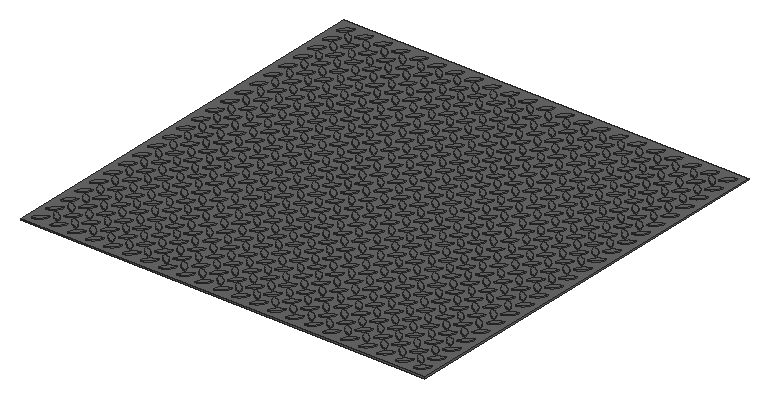
Revit family "141012021113804", category Modelos genéricos, Revit 2018 (continued)
Automatic sketch dimensions
  Blend 515 sketch curve to plane 1 "Center F/B" = 61.721 mm  (x2)
  plane 9 "4" to Blend 515 sketch curve = 109.721 mm  (x2)
  plane 9 "4" to Blend 516 sketch curve = 8.779 mm  (x2)
  Blend 516 sketch curve to plane 1 "Center F/B" = 39.221 mm  (x2)
  Blend 517 sketch curve to plane 1 "Center F/B" = 61.721 mm  (x2)
  plane 9 "4" to Blend 517 sketch curve = 64.721 mm  (x2)
  Blend 518 sketch curve to plane 7 = 44.221 mm  (x2)
  Blend 518 sketch curve to plane 1 "Center F/B" = 84.221 mm  (x2)
  Blend 519 sketch curve to plane 1 "Center F/B" = 84.221 mm  (x2)
  Blend 519 sketch curve to plane 7 = 89.221 mm  (x2)
  Blend 520 sketch curve to plane 7 = 33.279 mm  (x2)
  Blend 520 sketch curve to plane 1 "Center F/B" = 106.721 mm  (x2)
  Blend 521 sketch curve to plane 1 "Center F/B" = 84.221 mm  (x2)
  Blend 521 sketch curve to plane 7 = 134.221 mm  (x2)
  Blend 522 sketch curve to plane 7 = 78.279 mm  (x2)
  Blend 522 sketch curve to plane 1 "Center F/B" = 106.721 mm  (x2)
  Blend 523 sketch curve to plane 1 "Center F/B" = 84.221 mm  (x2)
  Blend 523 sketch curve to plane 7 = 179.221 mm  (x2)
  Blend 524 sketch curve to plane 1 "Center F/B" = 106.721 mm  (x2)
  Blend 524 sketch curve to plane 7 = 123.279 mm  (x2)
  Blend 525 sketch curve to plane 1 "Center F/B" = 84.221 mm  (x2)
  Blend 525 sketch curve to plane 7 = 224.221 mm  (x2)
  Blend 526 sketch curve to plane 1 "Center F/B" = 106.721 mm  (x2)
  Blend 526 sketch curve to plane 7 = 168.279 mm  (x2)
  Blend 527 sketch curve to plane 1 "Center F/B" = 84.221 mm  (x2)
  Blend 527 sketch curve to plane 7 = 269.221 mm  (x2)
  Blend 528 sketch curve to plane 1 "Center F/B" = 106.721 mm  (x2)
  Blend 528 sketch curve to plane 7 = 213.279 mm  (x2)
  Blend 529 sketch curve to plane 1 "Center F/B" = 84.221 mm  (x2)
  Blend 529 sketch curve to plane 7 = 314.221 mm  (x2)
  Blend 530 sketch curve to plane 1 "Center F/B" = 106.721 mm  (x2)
  Blend 530 sketch curve to plane 7 = 258.279 mm  (x2)
  Blend 531 sketch curve to plane 1 "Center F/B" = 84.221 mm  (x2)
  Blend 531 sketch curve to plane 7 = 359.221 mm  (x2)
  Blend 532 sketch curve to plane 1 "Center F/B" = 106.721 mm  (x2)
  Blend 532 sketch curve to plane 7 = 303.279 mm  (x2)
  Blend 533 sketch curve to plane 1 "Center F/B" = 84.221 mm  (x2)
  Blend 533 sketch curve to plane 7 = 404.221 mm  (x2)
  Blend 534 sketch curve to plane 1 "Center F/B" = 106.721 mm  (x2)
  Blend 534 sketch curve to plane 7 = 348.279 mm  (x2)
  Blend 535 sketch curve to plane 1 "Center F/B" = 84.221 mm  (x2)
  Blend 535 sketch curve to plane 7 = 449.221 mm  (x2)
  Blend 536 sketch curve to plane 1 "Center F/B" = 106.721 mm  (x2)
  Blend 536 sketch curve to plane 7 = 393.279 mm  (x2)
  Blend 537 sketch curve to plane 1 "Center F/B" = 84.221 mm  (x2)
  Blend 537 sketch curve to plane 7 = 494.221 mm  (x2)
  Blend 538 sketch curve to plane 1 "Center F/B" = 106.721 mm  (x2)
  Blend 538 sketch curve to plane 7 = 438.279 mm  (x2)
  Blend 539 sketch curve to plane 1 "Center F/B" = 84.221 mm  (x2)
  plane 9 "4" to Blend 539 sketch curve = 458.779 mm  (x2)
  Blend 540 sketch curve to plane 1 "Center F/B" = 106.721 mm  (x2)
  Blend 540 sketch curve to plane 7 = 483.279 mm  (x2)
  Blend 541 sketch curve to plane 1 "Center F/B" = 84.221 mm  (x2)
  plane 9 "4" to Blend 541 sketch curve = 413.779 mm  (x2)
  Blend 542 sketch curve to plane 1 "Center F/B" = 106.721 mm  (x2)
  plane 9 "4" to Blend 542 sketch curve = 469.721 mm  (x2)
  Blend 543 sketch curve to plane 1 "Center F/B" = 84.221 mm  (x2)
  plane 9 "4" to Blend 543 sketch curve = 368.779 mm  (x2)
  Blend 544 sketch curve to plane 1 "Center F/B" = 106.721 mm  (x2)
  plane 9 "4" to Blend 544 sketch curve = 424.721 mm  (x2)
  Blend 545 sketch curve to plane 1 "Center F/B" = 84.221 mm  (x2)
  plane 9 "4" to Blend 545 sketch curve = 323.779 mm  (x2)
  Blend 546 sketch curve to plane 1 "Center F/B" = 106.721 mm  (x2)
  plane 9 "4" to Blend 546 sketch curve = 379.721 mm  (x2)
  Blend 547 sketch curve to plane 1 "Center F/B" = 84.221 mm  (x2)
  plane 9 "4" to Blend 547 sketch curve = 278.779 mm  (x2)
  Blend 548 sketch curve to plane 1 "Center F/B" = 106.721 mm  (x2)
  plane 9 "4" to Blend 548 sketch curve = 334.721 mm  (x2)
  Blend 549 sketch curve to plane 1 "Center F/B" = 84.221 mm  (x2)
  plane 9 "4" to Blend 549 sketch curve = 233.779 mm  (x2)
  Blend 550 sketch curve to plane 1 "Center F/B" = 106.721 mm  (x2)
  plane 9 "4" to Blend 550 sketch curve = 289.721 mm  (x2)
  Blend 551 sketch curve to plane 1 "Center F/B" = 84.221 mm  (x2)
  plane 9 "4" to Blend 551 sketch curve = 188.779 mm  (x2)
  Blend 552 sketch curve to plane 1 "Center F/B" = 106.721 mm  (x2)
  plane 9 "4" to Blend 552 sketch curve = 244.721 mm  (x2)
  Blend 553 sketch curve to plane 1 "Center F/B" = 84.221 mm  (x2)
  plane 9 "4" to Blend 553 sketch curve = 143.779 mm  (x2)
  Blend 554 sketch curve to plane 1 "Center F/B" = 106.721 mm  (x2)
  plane 9 "4" to Blend 554 sketch curve = 199.721 mm  (x2)
  Blend 555 sketch curve to plane 1 "Center F/B" = 84.221 mm  (x2)
  plane 9 "4" to Blend 555 sketch curve = 98.779 mm  (x2)
  Blend 556 sketch curve to plane 1 "Center F/B" = 106.721 mm  (x2)
  plane 9 "4" to Blend 556 sketch curve = 154.721 mm  (x2)
  plane 9 "4" to Blend 557 sketch curve = 53.779 mm  (x2)
  Blend 557 sketch curve to plane 1 "Center F/B" = 84.221 mm  (x2)
  Blend 558 sketch curve to plane 1 "Center F/B" = 106.721 mm  (x2)
  plane 9 "4" to Blend 558 sketch curve = 109.721 mm  (x2)
  plane 9 "4" to Blend 559 sketch curve = 8.779 mm  (x2)
  Blend 559 sketch curve to plane 1 "Center F/B" = 84.221 mm  (x2)
  plane 9 "4" to Blend 560 sketch curve = 64.721 mm  (x2)
  Blend 560 sketch curve to plane 1 "Center F/B" = 106.721 mm  (x2)
  Blend 561 sketch curve to plane 7 = 44.221 mm  (x2)
  Blend 561 sketch curve to plane 1 "Center F/B" = 129.221 mm  (x2)
  Blend 562 sketch curve to plane 7 = 89.221 mm  (x2)
  Blend 562 sketch curve to plane 1 "Center F/B" = 129.221 mm  (x2)
  Blend 563 sketch curve to plane 7 = 33.279 mm  (x2)
  Blend 563 sketch curve to plane 1 "Center F/B" = 151.721 mm  (x2)
  Blend 564 sketch curve to plane 1 "Center F/B" = 129.221 mm  (x2)
  Blend 564 sketch curve to plane 7 = 134.221 mm  (x2)
  Blend 565 sketch curve to plane 7 = 78.279 mm  (x2)
  Blend 565 sketch curve to plane 1 "Center F/B" = 151.721 mm  (x2)
  Blend 566 sketch curve to plane 1 "Center F/B" = 129.221 mm  (x2)
  Blend 566 sketch curve to plane 7 = 179.221 mm  (x2)
  Blend 567 sketch curve to plane 7 = 123.279 mm  (x2)
  Blend 567 sketch curve to plane 1 "Center F/B" = 151.721 mm  (x2)
  Blend 568 sketch curve to plane 1 "Center F/B" = 129.221 mm  (x2)
  Blend 568 sketch curve to plane 7 = 224.221 mm  (x2)
  Blend 569 sketch curve to plane 1 "Center F/B" = 151.721 mm  (x2)
  Blend 569 sketch curve to plane 7 = 168.279 mm  (x2)
  Blend 570 sketch curve to plane 1 "Center F/B" = 129.221 mm  (x2)
  Blend 570 sketch curve to plane 7 = 269.221 mm  (x2)
  Blend 571 sketch curve to plane 1 "Center F/B" = 151.721 mm  (x2)
  Blend 571 sketch curve to plane 7 = 213.279 mm  (x2)
  Blend 572 sketch curve to plane 1 "Center F/B" = 129.221 mm  (x2)
  Blend 572 sketch curve to plane 7 = 314.221 mm  (x2)
  Blend 573 sketch curve to plane 1 "Center F/B" = 151.721 mm  (x2)
  Blend 573 sketch curve to plane 7 = 258.279 mm  (x2)
  Blend 574 sketch curve to plane 1 "Center F/B" = 129.221 mm  (x2)
  Blend 574 sketch curve to plane 7 = 359.221 mm  (x2)
  Blend 575 sketch curve to plane 1 "Center F/B" = 151.721 mm  (x2)
  Blend 575 sketch curve to plane 7 = 303.279 mm  (x2)
  Blend 576 sketch curve to plane 1 "Center F/B" = 129.221 mm  (x2)
  Blend 576 sketch curve to plane 7 = 404.221 mm  (x2)
  Blend 577 sketch curve to plane 1 "Center F/B" = 151.721 mm  (x2)
  Blend 577 sketch curve to plane 7 = 348.279 mm  (x2)
  Blend 578 sketch curve to plane 1 "Center F/B" = 129.221 mm  (x2)
  Blend 578 sketch curve to plane 7 = 449.221 mm  (x2)
  Blend 579 sketch curve to plane 1 "Center F/B" = 151.721 mm  (x2)
  Blend 579 sketch curve to plane 7 = 393.279 mm  (x2)
  Blend 580 sketch curve to plane 1 "Center F/B" = 129.221 mm  (x2)
  Blend 580 sketch curve to plane 7 = 494.221 mm  (x2)
  Blend 581 sketch curve to plane 1 "Center F/B" = 151.721 mm  (x2)
  Blend 581 sketch curve to plane 7 = 438.279 mm  (x2)
  Blend 582 sketch curve to plane 1 "Center F/B" = 129.221 mm  (x2)
  plane 9 "4" to Blend 582 sketch curve = 458.779 mm  (x2)
  Blend 583 sketch curve to plane 1 "Center F/B" = 151.721 mm  (x2)
  Blend 583 sketch curve to plane 7 = 483.279 mm  (x2)
  Blend 584 sketch curve to plane 1 "Center F/B" = 129.221 mm  (x2)
  plane 9 "4" to Blend 584 sketch curve = 413.779 mm  (x2)
  Blend 585 sketch curve to plane 1 "Center F/B" = 151.721 mm  (x2)
  plane 9 "4" to Blend 585 sketch curve = 469.721 mm  (x2)
  Blend 586 sketch curve to plane 1 "Center F/B" = 129.221 mm  (x2)
  plane 9 "4" to Blend 586 sketch curve = 368.779 mm  (x2)
  Blend 587 sketch curve to plane 1 "Center F/B" = 151.721 mm  (x2)
  plane 9 "4" to Blend 587 sketch curve = 424.721 mm  (x2)
  Blend 588 sketch curve to plane 1 "Center F/B" = 129.221 mm  (x2)
  plane 9 "4" to Blend 588 sketch curve = 323.779 mm  (x2)
  Blend 589 sketch curve to plane 1 "Center F/B" = 151.721 mm  (x2)
  plane 9 "4" to Blend 589 sketch curve = 379.721 mm  (x2)
  Blend 590 sketch curve to plane 1 "Center F/B" = 129.221 mm  (x2)
  plane 9 "4" to Blend 590 sketch curve = 278.779 mm  (x2)
  Blend 591 sketch curve to plane 1 "Center F/B" = 151.721 mm  (x2)
  plane 9 "4" to Blend 591 sketch curve = 334.721 mm  (x2)
  Blend 592 sketch curve to plane 1 "Center F/B" = 129.221 mm  (x2)
  plane 9 "4" to Blend 592 sketch curve = 233.779 mm  (x2)
  Blend 593 sketch curve to plane 1 "Center F/B" = 151.721 mm  (x2)
  plane 9 "4" to Blend 593 sketch curve = 289.721 mm  (x2)
  Blend 594 sketch curve to plane 1 "Center F/B" = 129.221 mm  (x2)
  plane 9 "4" to Blend 594 sketch curve = 188.779 mm  (x2)
  Blend 595 sketch curve to plane 1 "Center F/B" = 151.721 mm  (x2)
  plane 9 "4" to Blend 595 sketch curve = 244.721 mm  (x2)
  Blend 596 sketch curve to plane 1 "Center F/B" = 129.221 mm  (x2)
  plane 9 "4" to Blend 596 sketch curve = 143.779 mm  (x2)
  Blend 597 sketch curve to plane 1 "Center F/B" = 151.721 mm  (x2)
  plane 9 "4" to Blend 597 sketch curve = 199.721 mm  (x2)
  plane 9 "4" to Blend 598 sketch curve = 98.779 mm  (x2)
  Blend 598 sketch curve to plane 1 "Center F/B" = 129.221 mm  (x2)
  Blend 599 sketch curve to plane 1 "Center F/B" = 151.721 mm  (x2)
  plane 9 "4" to Blend 599 sketch curve = 154.721 mm  (x2)
  plane 9 "4" to Blend 600 sketch curve = 53.779 mm  (x2)
  Blend 600 sketch curve to plane 1 "Center F/B" = 129.221 mm  (x2)
  plane 9 "4" to Blend 601 sketch curve = 109.721 mm  (x2)
  Blend 601 sketch curve to plane 1 "Center F/B" = 151.721 mm  (x2)
  plane 9 "4" to Blend 602 sketch curve = 8.779 mm  (x2)
  Blend 602 sketch curve to plane 1 "Center F/B" = 129.221 mm  (x2)
  plane 9 "4" to Blend 603 sketch curve = 64.721 mm  (x2)
  Blend 603 sketch curve to plane 1 "Center F/B" = 151.721 mm  (x2)
  Blend 604 sketch curve to plane 7 = 44.221 mm  (x2)
  Blend 604 sketch curve to plane 1 "Center F/B" = 174.221 mm  (x2)
  Blend 605 sketch curve to plane 7 = 89.221 mm  (x2)
  Blend 605 sketch curve to plane 1 "Center F/B" = 174.221 mm  (x2)
  Blend 606 sketch curve to plane 7 = 33.279 mm  (x2)
  Blend 606 sketch curve to plane 1 "Center F/B" = 196.721 mm  (x2)
  Blend 607 sketch curve to plane 7 = 134.221 mm  (x2)
  Blend 607 sketch curve to plane 1 "Center F/B" = 174.221 mm  (x2)
  Blend 608 sketch curve to plane 7 = 78.279 mm  (x2)
  Blend 608 sketch curve to plane 1 "Center F/B" = 196.721 mm  (x2)
  Blend 609 sketch curve to plane 1 "Center F/B" = 174.221 mm  (x2)
  Blend 609 sketch curve to plane 7 = 179.221 mm  (x2)
  Blend 610 sketch curve to plane 7 = 123.279 mm  (x2)
  Blend 610 sketch curve to plane 1 "Center F/B" = 196.721 mm  (x2)
  Blend 611 sketch curve to plane 1 "Center F/B" = 174.221 mm  (x2)
  Blend 611 sketch curve to plane 7 = 224.221 mm  (x2)
  Blend 612 sketch curve to plane 7 = 168.279 mm  (x2)
  Blend 612 sketch curve to plane 1 "Center F/B" = 196.721 mm  (x2)
  Blend 613 sketch curve to plane 1 "Center F/B" = 174.221 mm  (x2)
  Blend 613 sketch curve to plane 7 = 269.221 mm  (x2)
  Blend 614 sketch curve to plane 1 "Center F/B" = 196.721 mm  (x2)
  Blend 614 sketch curve to plane 7 = 213.279 mm  (x2)
  Blend 615 sketch curve to plane 1 "Center F/B" = 174.221 mm  (x2)
  Blend 615 sketch curve to plane 7 = 314.221 mm  (x2)
  Blend 616 sketch curve to plane 1 "Center F/B" = 196.721 mm  (x2)
  Blend 616 sketch curve to plane 7 = 258.279 mm  (x2)
  Blend 617 sketch curve to plane 1 "Center F/B" = 174.221 mm  (x2)
  Blend 617 sketch curve to plane 7 = 359.221 mm  (x2)
  Blend 618 sketch curve to plane 1 "Center F/B" = 196.721 mm  (x2)
  Blend 618 sketch curve to plane 7 = 303.279 mm  (x2)
  Blend 619 sketch curve to plane 1 "Center F/B" = 174.221 mm  (x2)
  Blend 619 sketch curve to plane 7 = 404.221 mm  (x2)
  Blend 620 sketch curve to plane 1 "Center F/B" = 196.721 mm  (x2)
  Blend 620 sketch curve to plane 7 = 348.279 mm  (x2)
  Blend 621 sketch curve to plane 1 "Center F/B" = 174.221 mm  (x2)
  Blend 621 sketch curve to plane 7 = 449.221 mm  (x2)
  Blend 622 sketch curve to plane 1 "Center F/B" = 196.721 mm  (x2)
  Blend 622 sketch curve to plane 7 = 393.279 mm  (x2)
  Blend 623 sketch curve to plane 1 "Center F/B" = 174.221 mm  (x2)
  Blend 623 sketch curve to plane 7 = 494.221 mm  (x2)
  Blend 624 sketch curve to plane 1 "Center F/B" = 196.721 mm  (x2)
  Blend 624 sketch curve to plane 7 = 438.279 mm  (x2)
  Blend 625 sketch curve to plane 1 "Center F/B" = 174.221 mm  (x2)
  plane 9 "4" to Blend 625 sketch curve = 458.779 mm  (x2)
  Blend 626 sketch curve to plane 1 "Center F/B" = 196.721 mm  (x2)
  Blend 626 sketch curve to plane 7 = 483.279 mm  (x2)
  Blend 627 sketch curve to plane 1 "Center F/B" = 174.221 mm  (x2)
  plane 9 "4" to Blend 627 sketch curve = 413.779 mm  (x2)
  Blend 628 sketch curve to plane 1 "Center F/B" = 196.721 mm  (x2)
  plane 9 "4" to Blend 628 sketch curve = 469.721 mm  (x2)
  Blend 629 sketch curve to plane 1 "Center F/B" = 174.221 mm  (x2)
  plane 9 "4" to Blend 629 sketch curve = 368.779 mm  (x2)
  Blend 630 sketch curve to plane 1 "Center F/B" = 196.721 mm  (x2)
  plane 9 "4" to Blend 630 sketch curve = 424.721 mm  (x2)
  Blend 631 sketch curve to plane 1 "Center F/B" = 174.221 mm  (x2)
  plane 9 "4" to Blend 631 sketch curve = 323.779 mm  (x2)
  Blend 632 sketch curve to plane 1 "Center F/B" = 196.721 mm  (x2)
  plane 9 "4" to Blend 632 sketch curve = 379.721 mm  (x2)
  Blend 633 sketch curve to plane 1 "Center F/B" = 174.221 mm  (x2)
  plane 9 "4" to Blend 633 sketch curve = 278.779 mm  (x2)
  Blend 634 sketch curve to plane 1 "Center F/B" = 196.721 mm  (x2)
  plane 9 "4" to Blend 634 sketch curve = 334.721 mm  (x2)
  Blend 635 sketch curve to plane 1 "Center F/B" = 174.221 mm  (x2)
  plane 9 "4" to Blend 635 sketch curve = 233.779 mm  (x2)
  Blend 636 sketch curve to plane 1 "Center F/B" = 196.721 mm  (x2)
  plane 9 "4" to Blend 636 sketch curve = 289.721 mm  (x2)
  Blend 637 sketch curve to plane 1 "Center F/B" = 174.221 mm  (x2)
  plane 9 "4" to Blend 637 sketch curve = 188.779 mm  (x2)
  Blend 638 sketch curve to plane 1 "Center F/B" = 196.721 mm  (x2)
  plane 9 "4" to Blend 638 sketch curve = 244.721 mm  (x2)
  plane 9 "4" to Blend 639 sketch curve = 143.779 mm  (x2)
  Blend 639 sketch curve to plane 1 "Center F/B" = 174.221 mm  (x2)
  Blend 640 sketch curve to plane 1 "Center F/B" = 196.721 mm  (x2)
  plane 9 "4" to Blend 640 sketch curve = 199.721 mm  (x2)
  plane 9 "4" to Blend 641 sketch curve = 98.779 mm  (x2)
  Blend 641 sketch curve to plane 1 "Center F/B" = 174.221 mm  (x2)
  plane 9 "4" to Blend 642 sketch curve = 154.721 mm  (x2)
  Blend 642 sketch curve to plane 1 "Center F/B" = 196.721 mm  (x2)
  plane 9 "4" to Blend 643 sketch curve = 53.779 mm  (x2)
  Blend 643 sketch curve to plane 1 "Center F/B" = 174.221 mm  (x2)
  plane 9 "4" to Blend 644 sketch curve = 109.721 mm  (x2)
  Blend 644 sketch curve to plane 1 "Center F/B" = 196.721 mm  (x2)
  plane 9 "4" to Blend 645 sketch curve = 8.779 mm  (x2)
  Blend 645 sketch curve to plane 1 "Center F/B" = 174.221 mm  (x2)
  plane 9 "4" to Blend 646 sketch curve = 64.721 mm  (x2)
  Blend 646 sketch curve to plane 1 "Center F/B" = 196.721 mm  (x2)
  Blend 647 sketch curve to plane 7 = 44.221 mm  (x2)
  Blend 647 sketch curve to plane 1 "Center F/B" = 219.221 mm  (x2)
  Blend 648 sketch curve to plane 7 = 89.221 mm  (x2)
  Blend 648 sketch curve to plane 1 "Center F/B" = 219.221 mm  (x2)
  Blend 649 sketch curve to plane 7 = 33.279 mm  (x2)
  Blend 649 sketch curve to plane 1 "Center F/B" = 241.721 mm  (x2)
  Blend 650 sketch curve to plane 7 = 134.221 mm  (x2)
  Blend 650 sketch curve to plane 1 "Center F/B" = 219.221 mm  (x2)
  Blend 651 sketch curve to plane 7 = 78.279 mm  (x2)
  Blend 651 sketch curve to plane 1 "Center F/B" = 241.721 mm  (x2)
  Blend 652 sketch curve to plane 7 = 179.221 mm  (x2)
  Blend 652 sketch curve to plane 1 "Center F/B" = 219.221 mm  (x2)
  Blend 653 sketch curve to plane 7 = 123.279 mm  (x2)
  Blend 653 sketch curve to plane 1 "Center F/B" = 241.721 mm  (x2)
  Blend 654 sketch curve to plane 1 "Center F/B" = 219.221 mm  (x2)
  Blend 654 sketch curve to plane 7 = 224.221 mm  (x2)
  Blend 655 sketch curve to plane 7 = 168.279 mm  (x2)
  Blend 655 sketch curve to plane 1 "Center F/B" = 241.721 mm  (x2)
  Blend 656 sketch curve to plane 1 "Center F/B" = 219.221 mm  (x2)
  Blend 656 sketch curve to plane 7 = 269.221 mm  (x2)
  Blend 657 sketch curve to plane 7 = 213.279 mm  (x2)
  Blend 657 sketch curve to plane 1 "Center F/B" = 241.721 mm  (x2)
  Blend 658 sketch curve to plane 1 "Center F/B" = 219.221 mm  (x2)
  Blend 658 sketch curve to plane 7 = 314.221 mm  (x2)
  Blend 659 sketch curve to plane 1 "Center F/B" = 241.721 mm  (x2)
  Blend 659 sketch curve to plane 7 = 258.279 mm  (x2)
  Blend 660 sketch curve to plane 1 "Center F/B" = 219.221 mm  (x2)
  Blend 660 sketch curve to plane 7 = 359.221 mm  (x2)
  Blend 661 sketch curve to plane 1 "Center F/B" = 241.721 mm  (x2)
  Blend 661 sketch curve to plane 7 = 303.279 mm  (x2)
  Blend 662 sketch curve to plane 1 "Center F/B" = 219.221 mm  (x2)
  Blend 662 sketch curve to plane 7 = 404.221 mm  (x2)
  Blend 663 sketch curve to plane 1 "Center F/B" = 241.721 mm  (x2)
  Blend 663 sketch curve to plane 7 = 348.279 mm  (x2)
  Blend 664 sketch curve to plane 1 "Center F/B" = 219.221 mm  (x2)
  Blend 664 sketch curve to plane 7 = 449.221 mm  (x2)
  Blend 665 sketch curve to plane 1 "Center F/B" = 241.721 mm  (x2)
  Blend 665 sketch curve to plane 7 = 393.279 mm  (x2)
  Blend 666 sketch curve to plane 1 "Center F/B" = 219.221 mm  (x2)
  Blend 666 sketch curve to plane 7 = 494.221 mm  (x2)
  Blend 667 sketch curve to plane 1 "Center F/B" = 241.721 mm  (x2)
  Blend 667 sketch curve to plane 7 = 438.279 mm  (x2)
  Blend 668 sketch curve to plane 1 "Center F/B" = 219.221 mm  (x2)
  plane 9 "4" to Blend 668 sketch curve = 458.779 mm  (x2)
  Blend 669 sketch curve to plane 1 "Center F/B" = 241.721 mm  (x2)
  Blend 669 sketch curve to plane 7 = 483.279 mm  (x2)
  Blend 670 sketch curve to plane 1 "Center F/B" = 219.221 mm  (x2)
  plane 9 "4" to Blend 670 sketch curve = 413.779 mm  (x2)
  Blend 671 sketch curve to plane 1 "Center F/B" = 241.721 mm  (x2)
  plane 9 "4" to Blend 671 sketch curve = 469.721 mm  (x2)
  Blend 672 sketch curve to plane 1 "Center F/B" = 219.221 mm  (x2)
  plane 9 "4" to Blend 672 sketch curve = 368.779 mm  (x2)
  Blend 673 sketch curve to plane 1 "Center F/B" = 241.721 mm  (x2)
  plane 9 "4" to Blend 673 sketch curve = 424.721 mm  (x2)
  Blend 674 sketch curve to plane 1 "Center F/B" = 219.221 mm  (x2)
  plane 9 "4" to Blend 674 sketch curve = 323.779 mm  (x2)
  Blend 675 sketch curve to plane 1 "Center F/B" = 241.721 mm  (x2)
  plane 9 "4" to Blend 675 sketch curve = 379.721 mm  (x2)
  Blend 676 sketch curve to plane 1 "Center F/B" = 219.221 mm  (x2)
  plane 9 "4" to Blend 676 sketch curve = 278.779 mm  (x2)
  Blend 677 sketch curve to plane 1 "Center F/B" = 241.721 mm  (x2)
  plane 9 "4" to Blend 677 sketch curve = 334.721 mm  (x2)
  Blend 678 sketch curve to plane 1 "Center F/B" = 219.221 mm  (x2)
  plane 9 "4" to Blend 678 sketch curve = 233.779 mm  (x2)
  Blend 679 sketch curve to plane 1 "Center F/B" = 241.721 mm  (x2)
  plane 9 "4" to Blend 679 sketch curve = 289.721 mm  (x2)
  plane 9 "4" to Blend 680 sketch curve = 188.779 mm  (x2)
  Blend 680 sketch curve to plane 1 "Center F/B" = 219.221 mm  (x2)
  Blend 681 sketch curve to plane 1 "Center F/B" = 241.721 mm  (x2)
  plane 9 "4" to Blend 681 sketch curve = 244.721 mm  (x2)
  plane 9 "4" to Blend 682 sketch curve = 143.779 mm  (x2)
  Blend 682 sketch curve to plane 1 "Center F/B" = 219.221 mm  (x2)
  plane 9 "4" to Blend 683 sketch curve = 199.721 mm  (x2)
  Blend 683 sketch curve to plane 1 "Center F/B" = 241.721 mm  (x2)
  plane 9 "4" to Blend 684 sketch curve = 98.779 mm  (x2)
  Blend 684 sketch curve to plane 1 "Center F/B" = 219.221 mm  (x2)
  plane 9 "4" to Blend 685 sketch curve = 154.721 mm  (x2)
  Blend 685 sketch curve to plane 1 "Center F/B" = 241.721 mm  (x2)
  plane 9 "4" to Blend 686 sketch curve = 53.779 mm  (x2)
  Blend 686 sketch curve to plane 1 "Center F/B" = 219.221 mm  (x2)
  plane 9 "4" to Blend 687 sketch curve = 109.721 mm  (x2)
  Blend 687 sketch curve to plane 1 "Center F/B" = 241.721 mm  (x2)
  plane 9 "4" to Blend 688 sketch curve = 8.779 mm  (x2)
  Blend 688 sketch curve to plane 1 "Center F/B" = 219.221 mm  (x2)
  plane 9 "4" to Blend 689 sketch curve = 64.721 mm  (x2)
  Blend 689 sketch curve to plane 1 "Center F/B" = 241.721 mm  (x2)
  Blend 690 sketch curve to plane 7 = 44.221 mm  (x2)
  plane 5 "2" to Blend 690 sketch curve = 235.779 mm  (x2)
  Blend 691 sketch curve to plane 7 = 89.221 mm  (x2)
  plane 5 "2" to Blend 691 sketch curve = 235.779 mm  (x2)
  Blend 692 sketch curve to plane 7 = 33.279 mm  (x2)
  plane 5 "2" to Blend 692 sketch curve = 213.279 mm  (x2)
  Blend 693 sketch curve to plane 7 = 134.221 mm  (x2)
  plane 5 "2" to Blend 693 sketch curve = 235.779 mm  (x2)
  Blend 694 sketch curve to plane 7 = 78.279 mm  (x2)
  plane 5 "2" to Blend 694 sketch curve = 213.279 mm  (x2)
  Blend 695 sketch curve to plane 7 = 179.221 mm  (x2)
  plane 5 "2" to Blend 695 sketch curve = 235.779 mm  (x2)
  Blend 696 sketch curve to plane 7 = 123.279 mm  (x2)
  plane 5 "2" to Blend 696 sketch curve = 213.279 mm  (x2)
  Blend 697 sketch curve to plane 7 = 224.221 mm  (x2)
  plane 5 "2" to Blend 697 sketch curve = 235.779 mm  (x2)
  Blend 698 sketch curve to plane 7 = 168.279 mm  (x2)
  plane 5 "2" to Blend 698 sketch curve = 213.279 mm  (x2)
  plane 5 "2" to Blend 699 sketch curve = 235.779 mm  (x2)
  Blend 699 sketch curve to plane 7 = 269.221 mm  (x2)
  plane 5 "2" to Blend 700 sketch curve = 213.279 mm  (x2)
  Blend 700 sketch curve to plane 7 = 213.279 mm  (x2)
  plane 5 "2" to Blend 701 sketch curve = 235.779 mm  (x2)
  Blend 701 sketch curve to plane 7 = 314.221 mm  (x2)
  plane 5 "2" to Blend 702 sketch curve = 213.279 mm  (x2)
  Blend 702 sketch curve to plane 7 = 258.279 mm  (x2)
  plane 5 "2" to Blend 703 sketch curve = 235.779 mm  (x2)
  Blend 703 sketch curve to plane 7 = 359.221 mm  (x2)
  plane 5 "2" to Blend 704 sketch curve = 213.279 mm  (x2)
  Blend 704 sketch curve to plane 7 = 303.279 mm  (x2)
  plane 5 "2" to Blend 705 sketch curve = 235.779 mm  (x2)
  Blend 705 sketch curve to plane 7 = 404.221 mm  (x2)
  plane 5 "2" to Blend 706 sketch curve = 213.279 mm  (x2)
  Blend 706 sketch curve to plane 7 = 348.279 mm  (x2)
  plane 5 "2" to Blend 707 sketch curve = 235.779 mm  (x2)
  Blend 707 sketch curve to plane 7 = 449.221 mm  (x2)
  plane 5 "2" to Blend 708 sketch curve = 213.279 mm  (x2)
  Blend 708 sketch curve to plane 7 = 393.279 mm  (x2)
  plane 5 "2" to Blend 709 sketch curve = 235.779 mm  (x2)
  Blend 709 sketch curve to plane 7 = 494.221 mm  (x2)
  plane 5 "2" to Blend 710 sketch curve = 213.279 mm  (x2)
  Blend 710 sketch curve to plane 7 = 438.279 mm  (x2)
  plane 5 "2" to Blend 711 sketch curve = 235.779 mm  (x2)
  plane 9 "4" to Blend 711 sketch curve = 458.779 mm  (x2)
  plane 5 "2" to Blend 712 sketch curve = 213.279 mm  (x2)
  Blend 712 sketch curve to plane 7 = 483.279 mm  (x2)
  plane 5 "2" to Blend 713 sketch curve = 235.779 mm  (x2)
  plane 9 "4" to Blend 713 sketch curve = 413.779 mm  (x2)
  plane 5 "2" to Blend 714 sketch curve = 213.279 mm  (x2)
  plane 9 "4" to Blend 714 sketch curve = 469.721 mm  (x2)
  plane 5 "2" to Blend 715 sketch curve = 235.779 mm  (x2)
  plane 9 "4" to Blend 715 sketch curve = 368.779 mm  (x2)
  plane 5 "2" to Blend 716 sketch curve = 213.279 mm  (x2)
  plane 9 "4" to Blend 716 sketch curve = 424.721 mm  (x2)
  plane 5 "2" to Blend 717 sketch curve = 235.779 mm  (x2)
  plane 9 "4" to Blend 717 sketch curve = 323.779 mm  (x2)
  plane 5 "2" to Blend 718 sketch curve = 213.279 mm  (x2)
  plane 9 "4" to Blend 718 sketch curve = 379.721 mm  (x2)
  plane 5 "2" to Blend 719 sketch curve = 235.779 mm  (x2)
  plane 9 "4" to Blend 719 sketch curve = 278.779 mm  (x2)
  plane 5 "2" to Blend 720 sketch curve = 213.279 mm  (x2)
  plane 9 "4" to Blend 720 sketch curve = 334.721 mm  (x2)
  plane 9 "4" to Blend 721 sketch curve = 233.779 mm  (x2)
  plane 5 "2" to Blend 721 sketch curve = 235.779 mm  (x2)
  plane 5 "2" to Blend 722 sketch curve = 213.279 mm  (x2)
  plane 9 "4" to Blend 722 sketch curve = 289.721 mm  (x2)
  plane 9 "4" to Blend 723 sketch curve = 188.779 mm  (x2)
  plane 5 "2" to Blend 723 sketch curve = 235.779 mm  (x2)
  plane 5 "2" to Blend 724 sketch curve = 213.279 mm  (x2)
  plane 9 "4" to Blend 724 sketch curve = 244.721 mm  (x2)
  plane 9 "4" to Blend 725 sketch curve = 143.779 mm  (x2)
  plane 5 "2" to Blend 725 sketch curve = 235.779 mm  (x2)
  plane 9 "4" to Blend 726 sketch curve = 199.721 mm  (x2)
  plane 5 "2" to Blend 726 sketch curve = 213.279 mm  (x2)
  plane 9 "4" to Blend 727 sketch curve = 98.779 mm  (x2)
  plane 5 "2" to Blend 727 sketch curve = 235.779 mm  (x2)
  plane 9 "4" to Blend 728 sketch curve = 154.721 mm  (x2)
  plane 5 "2" to Blend 728 sketch curve = 213.279 mm  (x2)
  plane 9 "4" to Blend 729 sketch curve = 53.779 mm  (x2)
  plane 5 "2" to Blend 729 sketch curve = 235.779 mm  (x2)
  plane 9 "4" to Blend 730 sketch curve = 109.721 mm  (x2)
  plane 5 "2" to Blend 730 sketch curve = 213.279 mm  (x2)
  plane 9 "4" to Blend 731 sketch curve = 8.779 mm  (x2)
  plane 5 "2" to Blend 731 sketch curve = 235.779 mm  (x2)
  plane 9 "4" to Blend 732 sketch curve = 64.721 mm  (x2)
  plane 5 "2" to Blend 732 sketch curve = 213.279 mm  (x2)
  Blend 733 sketch curve to plane 7 = 44.221 mm  (x2)
  plane 5 "2" to Blend 733 sketch curve = 190.779 mm  (x2)
  Blend 734 sketch curve to plane 7 = 89.221 mm  (x2)
  plane 5 "2" to Blend 734 sketch curve = 190.779 mm  (x2)
  Blend 735 sketch curve to plane 7 = 33.279 mm  (x2)
  plane 5 "2" to Blend 735 sketch curve = 168.279 mm  (x2)
  Blend 736 sketch curve to plane 7 = 134.221 mm  (x2)
  plane 5 "2" to Blend 736 sketch curve = 190.779 mm  (x2)
  Blend 737 sketch curve to plane 7 = 78.279 mm  (x2)
  plane 5 "2" to Blend 737 sketch curve = 168.279 mm  (x2)
  Blend 738 sketch curve to plane 7 = 179.221 mm  (x2)
  plane 5 "2" to Blend 738 sketch curve = 190.779 mm  (x2)
  Blend 739 sketch curve to plane 7 = 123.279 mm  (x2)
  plane 5 "2" to Blend 739 sketch curve = 168.279 mm  (x2)
  plane 5 "2" to Blend 740 sketch curve = 190.779 mm  (x2)
  Blend 740 sketch curve to plane 7 = 224.221 mm  (x2)
  plane 5 "2" to Blend 741 sketch curve = 168.279 mm  (x2)
  Blend 741 sketch curve to plane 7 = 168.279 mm  (x2)
  plane 5 "2" to Blend 742 sketch curve = 190.779 mm  (x2)
  Blend 742 sketch curve to plane 7 = 269.221 mm  (x2)
  plane 5 "2" to Blend 743 sketch curve = 168.279 mm  (x2)
  Blend 743 sketch curve to plane 7 = 213.279 mm  (x2)
  plane 5 "2" to Blend 744 sketch curve = 190.779 mm  (x2)
  Blend 744 sketch curve to plane 7 = 314.221 mm  (x2)
  plane 5 "2" to Blend 745 sketch curve = 168.279 mm  (x2)
  Blend 745 sketch curve to plane 7 = 258.279 mm  (x2)
  plane 5 "2" to Blend 746 sketch curve = 190.779 mm  (x2)
  Blend 746 sketch curve to plane 7 = 359.221 mm  (x2)
  plane 5 "2" to Blend 747 sketch curve = 168.279 mm  (x2)
  Blend 747 sketch curve to plane 7 = 303.279 mm  (x2)
  plane 5 "2" to Blend 748 sketch curve = 190.779 mm  (x2)
  Blend 748 sketch curve to plane 7 = 404.221 mm  (x2)
  plane 5 "2" to Blend 749 sketch curve = 168.279 mm  (x2)
  Blend 749 sketch curve to plane 7 = 348.279 mm  (x2)
  plane 5 "2" to Blend 750 sketch curve = 190.779 mm  (x2)
  Blend 750 sketch curve to plane 7 = 449.221 mm  (x2)
  plane 5 "2" to Blend 751 sketch curve = 168.279 mm  (x2)
  Blend 751 sketch curve to plane 7 = 393.279 mm  (x2)
  plane 5 "2" to Blend 752 sketch curve = 190.779 mm  (x2)
  Blend 752 sketch curve to plane 7 = 494.221 mm  (x2)
  plane 5 "2" to Blend 753 sketch curve = 168.279 mm  (x2)
  Blend 753 sketch curve to plane 7 = 438.279 mm  (x2)
  plane 5 "2" to Blend 754 sketch curve = 190.779 mm  (x2)
  plane 9 "4" to Blend 754 sketch curve = 458.779 mm  (x2)
  plane 5 "2" to Blend 755 sketch curve = 168.279 mm  (x2)
  Blend 755 sketch curve to plane 7 = 483.279 mm  (x2)
  plane 5 "2" to Blend 756 sketch curve = 190.779 mm  (x2)
  plane 9 "4" to Blend 756 sketch curve = 413.779 mm  (x2)
  plane 5 "2" to Blend 757 sketch curve = 168.279 mm  (x2)
  plane 9 "4" to Blend 757 sketch curve = 469.721 mm  (x2)
  plane 5 "2" to Blend 758 sketch curve = 190.779 mm  (x2)
  plane 9 "4" to Blend 758 sketch curve = 368.779 mm  (x2)
  plane 5 "2" to Blend 759 sketch curve = 168.279 mm  (x2)
  plane 9 "4" to Blend 759 sketch curve = 424.721 mm  (x2)
  plane 5 "2" to Blend 760 sketch curve = 190.779 mm  (x2)
  plane 9 "4" to Blend 760 sketch curve = 323.779 mm  (x2)
  plane 5 "2" to Blend 761 sketch curve = 168.279 mm  (x2)
  plane 9 "4" to Blend 761 sketch curve = 379.721 mm  (x2)
  plane 5 "2" to Blend 762 sketch curve = 190.779 mm  (x2)
  plane 9 "4" to Blend 762 sketch curve = 278.779 mm  (x2)
  plane 5 "2" to Blend 763 sketch curve = 168.279 mm  (x2)
  plane 9 "4" to Blend 763 sketch curve = 334.721 mm  (x2)
  plane 5 "2" to Blend 764 sketch curve = 190.779 mm  (x2)
  plane 9 "4" to Blend 764 sketch curve = 233.779 mm  (x2)
  plane 5 "2" to Blend 765 sketch curve = 168.279 mm  (x2)
  plane 9 "4" to Blend 765 sketch curve = 289.721 mm  (x2)
  plane 9 "4" to Blend 766 sketch curve = 188.779 mm  (x2)
  plane 5 "2" to Blend 766 sketch curve = 190.779 mm  (x2)
  plane 5 "2" to Blend 767 sketch curve = 168.279 mm  (x2)
  plane 9 "4" to Blend 767 sketch curve = 244.721 mm  (x2)
  plane 9 "4" to Blend 768 sketch curve = 143.779 mm  (x2)
  plane 5 "2" to Blend 768 sketch curve = 190.779 mm  (x2)
  plane 5 "2" to Blend 769 sketch curve = 168.279 mm  (x2)
  plane 9 "4" to Blend 769 sketch curve = 199.721 mm  (x2)
  plane 9 "4" to Blend 770 sketch curve = 98.779 mm  (x2)
  plane 5 "2" to Blend 770 sketch curve = 190.779 mm  (x2)
  plane 9 "4" to Blend 771 sketch curve = 154.721 mm  (x2)
  plane 5 "2" to Blend 771 sketch curve = 168.279 mm  (x2)
  plane 9 "4" to Blend 772 sketch curve = 53.779 mm  (x2)
  plane 5 "2" to Blend 772 sketch curve = 190.779 mm  (x2)
  plane 9 "4" to Blend 773 sketch curve = 109.721 mm  (x2)
  plane 5 "2" to Blend 773 sketch curve = 168.279 mm  (x2)
  plane 9 "4" to Blend 774 sketch curve = 8.779 mm  (x2)
  plane 5 "2" to Blend 774 sketch curve = 190.779 mm  (x2)
  plane 9 "4" to Blend 775 sketch curve = 64.721 mm  (x2)
  plane 5 "2" to Blend 775 sketch curve = 168.279 mm  (x2)
  Blend 776 sketch curve to plane 7 = 44.221 mm  (x2)
  plane 5 "2" to Blend 776 sketch curve = 145.779 mm  (x2)
  Blend 777 sketch curve to plane 7 = 89.221 mm  (x2)
  plane 5 "2" to Blend 777 sketch curve = 145.779 mm  (x2)
  Blend 778 sketch curve to plane 7 = 33.279 mm  (x2)
  plane 5 "2" to Blend 778 sketch curve = 123.279 mm  (x2)
  Blend 779 sketch curve to plane 7 = 134.221 mm  (x2)
  plane 5 "2" to Blend 779 sketch curve = 145.779 mm  (x2)
  Blend 780 sketch curve to plane 7 = 78.279 mm  (x2)
  plane 5 "2" to Blend 780 sketch curve = 123.279 mm  (x2)
  plane 5 "2" to Blend 781 sketch curve = 145.779 mm  (x2)
  Blend 781 sketch curve to plane 7 = 179.221 mm  (x2)
  plane 5 "2" to Blend 782 sketch curve = 123.279 mm  (x2)
  Blend 782 sketch curve to plane 7 = 123.279 mm  (x2)
  plane 5 "2" to Blend 783 sketch curve = 145.779 mm  (x2)
  Blend 783 sketch curve to plane 7 = 224.221 mm  (x2)
  plane 5 "2" to Blend 784 sketch curve = 123.279 mm  (x2)
  Blend 784 sketch curve to plane 7 = 168.279 mm  (x2)
  plane 5 "2" to Blend 785 sketch curve = 145.779 mm  (x2)
  Blend 785 sketch curve to plane 7 = 269.221 mm  (x2)
  plane 5 "2" to Blend 786 sketch curve = 123.279 mm  (x2)
  Blend 786 sketch curve to plane 7 = 213.279 mm  (x2)
  plane 5 "2" to Blend 787 sketch curve = 145.779 mm  (x2)
  Blend 787 sketch curve to plane 7 = 314.221 mm  (x2)
  plane 5 "2" to Blend 788 sketch curve = 123.279 mm  (x2)
  Blend 788 sketch curve to plane 7 = 258.279 mm  (x2)
  plane 5 "2" to Blend 789 sketch curve = 145.779 mm  (x2)
  Blend 789 sketch curve to plane 7 = 359.221 mm  (x2)
  plane 5 "2" to Blend 790 sketch curve = 123.279 mm  (x2)
  Blend 790 sketch curve to plane 7 = 303.279 mm  (x2)
  plane 5 "2" to Blend 791 sketch curve = 145.779 mm  (x2)
  Blend 791 sketch curve to plane 7 = 404.221 mm  (x2)
  plane 5 "2" to Blend 792 sketch curve = 123.279 mm  (x2)
  Blend 792 sketch curve to plane 7 = 348.279 mm  (x2)
  plane 5 "2" to Blend 793 sketch curve = 145.779 mm  (x2)
  Blend 793 sketch curve to plane 7 = 449.221 mm  (x2)
  plane 5 "2" to Blend 794 sketch curve = 123.279 mm  (x2)
  Blend 794 sketch curve to plane 7 = 393.279 mm  (x2)
  plane 5 "2" to Blend 795 sketch curve = 145.779 mm  (x2)
  Blend 795 sketch curve to plane 7 = 494.221 mm  (x2)
  plane 5 "2" to Blend 796 sketch curve = 123.279 mm  (x2)
  Blend 796 sketch curve to plane 7 = 438.279 mm  (x2)
  plane 5 "2" to Blend 797 sketch curve = 145.779 mm  (x2)
  plane 9 "4" to Blend 797 sketch curve = 458.779 mm  (x2)
  plane 5 "2" to Blend 798 sketch curve = 123.279 mm  (x2)
  Blend 798 sketch curve to plane 7 = 483.279 mm  (x2)
  plane 5 "2" to Blend 799 sketch curve = 145.779 mm  (x2)
  plane 9 "4" to Blend 799 sketch curve = 413.779 mm  (x2)
  plane 5 "2" to Blend 800 sketch curve = 123.279 mm  (x2)
  plane 9 "4" to Blend 800 sketch curve = 469.721 mm  (x2)
  plane 5 "2" to Blend 801 sketch curve = 145.779 mm  (x2)
  plane 9 "4" to Blend 801 sketch curve = 368.779 mm  (x2)
  plane 5 "2" to Blend 802 sketch curve = 123.279 mm  (x2)
  plane 9 "4" to Blend 802 sketch curve = 424.721 mm  (x2)
  plane 5 "2" to Blend 803 sketch curve = 145.779 mm  (x2)
  plane 9 "4" to Blend 803 sketch curve = 323.779 mm  (x2)
  plane 5 "2" to Blend 804 sketch curve = 123.279 mm  (x2)
  plane 9 "4" to Blend 804 sketch curve = 379.721 mm  (x2)
  plane 5 "2" to Blend 805 sketch curve = 145.779 mm  (x2)
  plane 9 "4" to Blend 805 sketch curve = 278.779 mm  (x2)
  plane 5 "2" to Blend 806 sketch curve = 123.279 mm  (x2)
  plane 9 "4" to Blend 806 sketch curve = 334.721 mm  (x2)
  plane 5 "2" to Blend 807 sketch curve = 145.779 mm  (x2)
  plane 9 "4" to Blend 807 sketch curve = 233.779 mm  (x2)
  plane 5 "2" to Blend 808 sketch curve = 123.279 mm  (x2)
  plane 9 "4" to Blend 808 sketch curve = 289.721 mm  (x2)
  plane 5 "2" to Blend 809 sketch curve = 145.779 mm  (x2)
  plane 9 "4" to Blend 809 sketch curve = 188.779 mm  (x2)
  plane 5 "2" to Blend 810 sketch curve = 123.279 mm  (x2)
  plane 9 "4" to Blend 810 sketch curve = 244.721 mm  (x2)
  plane 9 "4" to Blend 811 sketch curve = 143.779 mm  (x2)
  plane 5 "2" to Blend 811 sketch curve = 145.779 mm  (x2)
  plane 5 "2" to Blend 812 sketch curve = 123.279 mm  (x2)
  plane 9 "4" to Blend 812 sketch curve = 199.721 mm  (x2)
  plane 9 "4" to Blend 813 sketch curve = 98.779 mm  (x2)
  plane 5 "2" to Blend 813 sketch curve = 145.779 mm  (x2)
  plane 5 "2" to Blend 814 sketch curve = 123.279 mm  (x2)
  plane 9 "4" to Blend 814 sketch curve = 154.721 mm  (x2)
  plane 9 "4" to Blend 815 sketch curve = 53.779 mm  (x2)
  plane 5 "2" to Blend 815 sketch curve = 145.779 mm  (x2)
  plane 9 "4" to Blend 816 sketch curve = 109.721 mm  (x2)
  plane 5 "2" to Blend 816 sketch curve = 123.279 mm  (x2)
  plane 9 "4" to Blend 817 sketch curve = 8.779 mm  (x2)
  plane 5 "2" to Blend 817 sketch curve = 145.779 mm  (x2)
  plane 9 "4" to Blend 818 sketch curve = 64.721 mm  (x2)
  plane 5 "2" to Blend 818 sketch curve = 123.279 mm  (x2)
  Blend 819 sketch curve to plane 7 = 44.221 mm  (x2)
  plane 5 "2" to Blend 819 sketch curve = 100.779 mm  (x2)
  Blend 820 sketch curve to plane 7 = 89.221 mm  (x2)
  plane 5 "2" to Blend 820 sketch curve = 100.779 mm  (x2)
  Blend 821 sketch curve to plane 7 = 33.279 mm  (x2)
  plane 5 "2" to Blend 821 sketch curve = 78.279 mm  (x2)
  plane 5 "2" to Blend 822 sketch curve = 100.779 mm  (x2)
  Blend 822 sketch curve to plane 7 = 134.221 mm  (x2)
  plane 5 "2" to Blend 823 sketch curve = 78.279 mm  (x2)
  Blend 823 sketch curve to plane 7 = 78.279 mm  (x2)
  plane 5 "2" to Blend 824 sketch curve = 100.779 mm  (x2)
  Blend 824 sketch curve to plane 7 = 179.221 mm  (x2)
  plane 5 "2" to Blend 825 sketch curve = 78.279 mm  (x2)
  Blend 825 sketch curve to plane 7 = 123.279 mm  (x2)
  plane 5 "2" to Blend 826 sketch curve = 100.779 mm  (x2)
  Blend 826 sketch curve to plane 7 = 224.221 mm  (x2)
  plane 5 "2" to Blend 827 sketch curve = 78.279 mm  (x2)
  Blend 827 sketch curve to plane 7 = 168.279 mm  (x2)
  plane 5 "2" to Blend 828 sketch curve = 100.779 mm  (x2)
  Blend 828 sketch curve to plane 7 = 269.221 mm  (x2)
  plane 5 "2" to Blend 829 sketch curve = 78.279 mm  (x2)
  Blend 829 sketch curve to plane 7 = 213.279 mm  (x2)
  plane 5 "2" to Blend 830 sketch curve = 100.779 mm  (x2)
  Blend 830 sketch curve to plane 7 = 314.221 mm  (x2)
  plane 5 "2" to Blend 831 sketch curve = 78.279 mm  (x2)
  Blend 831 sketch curve to plane 7 = 258.279 mm  (x2)
  plane 5 "2" to Blend 832 sketch curve = 100.779 mm  (x2)
  Blend 832 sketch curve to plane 7 = 359.221 mm  (x2)
  plane 5 "2" to Blend 833 sketch curve = 78.279 mm  (x2)
  Blend 833 sketch curve to plane 7 = 303.279 mm  (x2)
  plane 5 "2" to Blend 834 sketch curve = 100.779 mm  (x2)
  Blend 834 sketch curve to plane 7 = 404.221 mm  (x2)
  plane 5 "2" to Blend 835 sketch curve = 78.279 mm  (x2)
  Blend 835 sketch curve to plane 7 = 348.279 mm  (x2)
  plane 5 "2" to Blend 836 sketch curve = 100.779 mm  (x2)
  Blend 836 sketch curve to plane 7 = 449.221 mm  (x2)
  plane 5 "2" to Blend 837 sketch curve = 78.279 mm  (x2)
  Blend 837 sketch curve to plane 7 = 393.279 mm  (x2)
  plane 5 "2" to Blend 838 sketch curve = 100.779 mm  (x2)
  Blend 838 sketch curve to plane 7 = 494.221 mm  (x2)
  plane 5 "2" to Blend 839 sketch curve = 78.279 mm  (x2)
  Blend 839 sketch curve to plane 7 = 438.279 mm  (x2)
  plane 5 "2" to Blend 840 sketch curve = 100.779 mm  (x2)
  plane 9 "4" to Blend 840 sketch curve = 458.779 mm  (x2)
  plane 5 "2" to Blend 841 sketch curve = 78.279 mm  (x2)
  Blend 841 sketch curve to plane 7 = 483.279 mm  (x2)
  plane 5 "2" to Blend 842 sketch curve = 100.779 mm  (x2)
  plane 9 "4" to Blend 842 sketch curve = 413.779 mm  (x2)
  plane 5 "2" to Blend 843 sketch curve = 78.279 mm  (x2)
  plane 9 "4" to Blend 843 sketch curve = 469.721 mm  (x2)
  plane 5 "2" to Blend 844 sketch curve = 100.779 mm  (x2)
  plane 9 "4" to Blend 844 sketch curve = 368.779 mm  (x2)
  plane 5 "2" to Blend 845 sketch curve = 78.279 mm  (x2)
  plane 9 "4" to Blend 845 sketch curve = 424.721 mm  (x2)
  plane 5 "2" to Blend 846 sketch curve = 100.779 mm  (x2)
  plane 9 "4" to Blend 846 sketch curve = 323.779 mm  (x2)
  plane 5 "2" to Blend 847 sketch curve = 78.279 mm  (x2)
  plane 9 "4" to Blend 847 sketch curve = 379.721 mm  (x2)
  plane 5 "2" to Blend 848 sketch curve = 100.779 mm  (x2)
  plane 9 "4" to Blend 848 sketch curve = 278.779 mm  (x2)
  plane 5 "2" to Blend 849 sketch curve = 78.279 mm  (x2)
  plane 9 "4" to Blend 849 sketch curve = 334.721 mm  (x2)
  plane 5 "2" to Blend 850 sketch curve = 100.779 mm  (x2)
  plane 9 "4" to Blend 850 sketch curve = 233.779 mm  (x2)
  plane 5 "2" to Blend 851 sketch curve = 78.279 mm  (x2)
  plane 9 "4" to Blend 851 sketch curve = 289.721 mm  (x2)
  plane 5 "2" to Blend 852 sketch curve = 100.779 mm  (x2)
  plane 9 "4" to Blend 852 sketch curve = 188.779 mm  (x2)
  plane 5 "2" to Blend 853 sketch curve = 78.279 mm  (x2)
  plane 9 "4" to Blend 853 sketch curve = 244.721 mm  (x2)
  plane 5 "2" to Blend 854 sketch curve = 100.779 mm  (x2)
  plane 9 "4" to Blend 854 sketch curve = 143.779 mm  (x2)
  plane 5 "2" to Blend 855 sketch curve = 78.279 mm  (x2)
  plane 9 "4" to Blend 855 sketch curve = 199.721 mm  (x2)
  plane 9 "4" to Blend 856 sketch curve = 98.779 mm  (x2)
  plane 5 "2" to Blend 856 sketch curve = 100.779 mm  (x2)
  plane 5 "2" to Blend 857 sketch curve = 78.279 mm  (x2)
  plane 9 "4" to Blend 857 sketch curve = 154.721 mm  (x2)
  plane 9 "4" to Blend 858 sketch curve = 53.779 mm  (x2)
  plane 5 "2" to Blend 858 sketch curve = 100.779 mm  (x2)
  plane 5 "2" to Blend 859 sketch curve = 78.279 mm  (x2)
  plane 9 "4" to Blend 859 sketch curve = 109.721 mm  (x2)
  plane 9 "4" to Blend 860 sketch curve = 8.779 mm  (x2)
  plane 5 "2" to Blend 860 sketch curve = 100.779 mm  (x2)
  plane 9 "4" to Blend 861 sketch curve = 64.721 mm  (x2)
  plane 5 "2" to Blend 861 sketch curve = 78.279 mm  (x2)
  Blend 862 sketch curve to plane 7 = 44.221 mm  (x2)
  plane 5 "2" to Blend 862 sketch curve = 55.779 mm  (x2)
  plane 5 "2" to Blend 863 sketch curve = 55.779 mm  (x2)
  Blend 863 sketch curve to plane 7 = 89.221 mm  (x2)
  plane 5 "2" to Blend 864 sketch curve = 33.279 mm  (x2)
  Blend 864 sketch curve to plane 7 = 33.279 mm  (x2)
  plane 5 "2" to Blend 865 sketch curve = 55.779 mm  (x2)
  Blend 865 sketch curve to plane 7 = 134.221 mm  (x2)
  plane 5 "2" to Blend 866 sketch curve = 33.279 mm  (x2)
  Blend 866 sketch curve to plane 7 = 78.279 mm  (x2)
  plane 5 "2" to Blend 867 sketch curve = 55.779 mm  (x2)
  Blend 867 sketch curve to plane 7 = 179.221 mm  (x2)
  plane 5 "2" to Blend 868 sketch curve = 33.279 mm  (x2)
  Blend 868 sketch curve to plane 7 = 123.279 mm  (x2)
  plane 5 "2" to Blend 869 sketch curve = 55.779 mm  (x2)
  Blend 869 sketch curve to plane 7 = 224.221 mm  (x2)
  plane 5 "2" to Blend 870 sketch curve = 33.279 mm  (x2)
  Blend 870 sketch curve to plane 7 = 168.279 mm  (x2)
  plane 5 "2" to Blend 871 sketch curve = 55.779 mm  (x2)
  Blend 871 sketch curve to plane 7 = 269.221 mm  (x2)
  plane 5 "2" to Blend 872 sketch curve = 33.279 mm  (x2)
  Blend 872 sketch curve to plane 7 = 213.279 mm  (x2)
  plane 5 "2" to Blend 873 sketch curve = 55.779 mm  (x2)
  Blend 873 sketch curve to plane 7 = 314.221 mm  (x2)
  plane 5 "2" to Blend 874 sketch curve = 33.279 mm  (x2)
  Blend 874 sketch curve to plane 7 = 258.279 mm  (x2)
  plane 5 "2" to Blend 875 sketch curve = 55.779 mm  (x2)
  Blend 875 sketch curve to plane 7 = 359.221 mm  (x2)
  plane 5 "2" to Blend 876 sketch curve = 33.279 mm  (x2)
  Blend 876 sketch curve to plane 7 = 303.279 mm  (x2)
  plane 5 "2" to Blend 877 sketch curve = 55.779 mm  (x2)
  Blend 877 sketch curve to plane 7 = 404.221 mm  (x2)
  plane 5 "2" to Blend 878 sketch curve = 33.279 mm  (x2)
  Blend 878 sketch curve to plane 7 = 348.279 mm  (x2)
  plane 5 "2" to Blend 879 sketch curve = 55.779 mm  (x2)
  Blend 879 sketch curve to plane 7 = 449.221 mm  (x2)
  plane 5 "2" to Blend 880 sketch curve = 33.279 mm  (x2)
  Blend 880 sketch curve to plane 7 = 393.279 mm  (x2)
  plane 5 "2" to Blend 881 sketch curve = 55.779 mm  (x2)
  Blend 881 sketch curve to plane 7 = 494.221 mm  (x2)
  plane 5 "2" to Blend 882 sketch curve = 33.279 mm  (x2)
  Blend 882 sketch curve to plane 7 = 438.279 mm  (x2)
  plane 5 "2" to Blend 883 sketch curve = 55.779 mm  (x2)
  plane 9 "4" to Blend 883 sketch curve = 458.779 mm  (x2)
  plane 5 "2" to Blend 884 sketch curve = 33.279 mm  (x2)
  Blend 884 sketch curve to plane 7 = 483.279 mm  (x2)
  plane 5 "2" to Blend 885 sketch curve = 55.779 mm  (x2)
  plane 9 "4" to Blend 885 sketch curve = 413.779 mm  (x2)
  plane 5 "2" to Blend 886 sketch curve = 33.279 mm  (x2)
  plane 9 "4" to Blend 886 sketch curve = 469.721 mm  (x2)
  plane 5 "2" to Blend 887 sketch curve = 55.779 mm  (x2)
  plane 9 "4" to Blend 887 sketch curve = 368.779 mm  (x2)
  plane 5 "2" to Blend 888 sketch curve = 33.279 mm  (x2)
  plane 9 "4" to Blend 888 sketch curve = 424.721 mm  (x2)
  plane 5 "2" to Blend 889 sketch curve = 55.779 mm  (x2)
  plane 9 "4" to Blend 889 sketch curve = 323.779 mm  (x2)
  plane 5 "2" to Blend 890 sketch curve = 33.279 mm  (x2)
  plane 9 "4" to Blend 890 sketch curve = 379.721 mm  (x2)
  plane 5 "2" to Blend 891 sketch curve = 55.779 mm  (x2)
  plane 9 "4" to Blend 891 sketch curve = 278.779 mm  (x2)
  plane 5 "2" to Blend 892 sketch curve = 33.279 mm  (x2)
  plane 9 "4" to Blend 892 sketch curve = 334.721 mm  (x2)
  plane 5 "2" to Blend 893 sketch curve = 55.779 mm  (x2)
  plane 9 "4" to Blend 893 sketch curve = 233.779 mm  (x2)
  plane 5 "2" to Blend 894 sketch curve = 33.279 mm  (x2)
  plane 9 "4" to Blend 894 sketch curve = 289.721 mm  (x2)
  plane 5 "2" to Blend 895 sketch curve = 55.779 mm  (x2)
  plane 9 "4" to Blend 895 sketch curve = 188.779 mm  (x2)
  plane 5 "2" to Blend 896 sketch curve = 33.279 mm  (x2)
  plane 9 "4" to Blend 896 sketch curve = 244.721 mm  (x2)
  plane 5 "2" to Blend 897 sketch curve = 55.779 mm  (x2)
  plane 9 "4" to Blend 897 sketch curve = 143.779 mm  (x2)
  plane 5 "2" to Blend 898 sketch curve = 33.279 mm  (x2)
  plane 9 "4" to Blend 898 sketch curve = 199.721 mm  (x2)
  plane 5 "2" to Blend 899 sketch curve = 55.779 mm  (x2)
  plane 9 "4" to Blend 899 sketch curve = 98.779 mm  (x2)
  plane 5 "2" to Blend 900 sketch curve = 33.279 mm  (x2)
  plane 9 "4" to Blend 900 sketch curve = 154.721 mm  (x2)
  plane 9 "4" to Blend 901 sketch curve = 53.779 mm  (x2)
  plane 5 "2" to Blend 901 sketch curve = 55.779 mm  (x2)
  plane 5 "2" to Blend 902 sketch curve = 33.279 mm  (x2)
  plane 9 "4" to Blend 902 sketch curve = 109.721 mm  (x2)
  plane 9 "4" to Blend 903 sketch curve = 8.779 mm  (x2)
  plane 5 "2" to Blend 903 sketch curve = 55.779 mm  (x2)
  plane 5 "2" to Blend 904 sketch curve = 33.279 mm  (x2)
  plane 9 "4" to Blend 904 sketch curve = 64.721 mm  (x2)
  Extrusion 1 sketch curve to level = 0.00 mm
